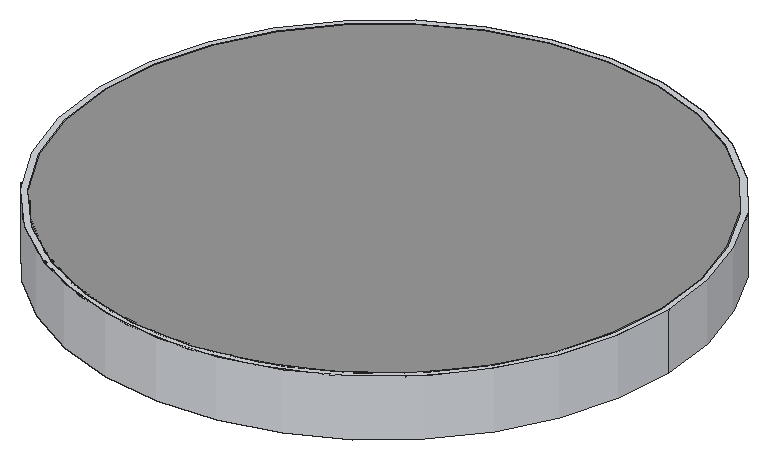
Revit family "2071197", category Lighting Fixtures, host Face, Revit 2018
Family settings
  Host = Face
  Round Connector Dimension = Use Diameter
  Part Type = Normal
  OmniClass Number = 23.80.70.00
  OmniClass Title = Lighting
  Cut with Voids When Loaded = No
  Light Source = Yes
  Shared = No
  Room Calculation Point = No
Parameters (values of type "2071197 COLOSSAL 600 830 OP DIR+H WHT")
  iner diameter = 588 mm
  Weight = "n/a"
  Wattage Comments = ""
  Wattage = 30 W
  WarrantyStartDate [instance] = "n/a"
  WarrantyGuarantorParts = "n/a"
  WarrantyDurationUnit = "n/a"
  WarrantyDurationParts = ""
  WarrantyDescription = "http://www.sylvania-lighting.com"
  built-in parameter 1150110 = 1 (stored number, unit not read)
  Voltage = 230 V
  URL = "0.95"
  TypeName = "COLOSSAL 600mm 830 OPAL DIR+HAL WHITE"
  Type Image = <None>
  Type Comments = "n/a"
  built-in parameter 1114217 = 1 (stored number, unit not read)
  Tilt Angle = -90.00°
  built-in parameter 1150109 = 1 (stored number, unit not read)
  built-in parameter 1150134 = (empty or 0)
  built-in parameter 1150113 = 1 (stored number, unit not read)
  SerialNumber [instance] = "n/a"
  Photometric Web File = "2071197.ies"
  Material_3_SYL = LED-Sylvania
  PowerFactor = 0
  PowerConsumption = "Lighting"
  NominalLength = 600 mm
  NominalHeight = 93 mm
  NominalDepth = 600 mm
  Name = "COLOSSAL 600mm 830 OPAL DIR+HAL WHITE"
  ModelReference = Name  # "COLOSSAL 600mm 830 OPAL DIR+HAL WHITE"
  ModelNumber = "2071197"
  Model = Name  # "COLOSSAL 600mm 830 OPAL DIR+HAL WHITE"
  Material = "Feilo Sylvania"
  ManufacturerName = "128 lm/W"
  Manufacturer = ""
  LuminousEfficacy = ""
  built-in parameter 1150105 = 270.44 (stored number, unit not read)
  Lumens = 3398.4 lm
  LuminaireType = "0"
  built-in parameter 1150115 = 1 (stored number, unit not read)
  LightOutputRatio = "LED"
  built-in parameter 1150137 = (empty or 0)
  built-in parameter 1150139 = (empty or 0)
  LampsType = Lamp  # "n/a"
  LampNominalLuminous = "3000 K"
  LampMacAdamStep = "80"
  LampColourTemperature = "LED"
  LampColourRenderingIndex = "16500"
  built-in parameter 1150112 = 1 (stored number, unit not read)
  built-in parameter 1150114 = 1 (stored number, unit not read)
  Lamp = "n/a"
  Keynote = "n/a"
  InstallationDate [instance] = "n/a"
  InputVoltage = "0"
  InputNominalFrequency = "3000"
  built-in parameter 1150132 = (empty or 0)
  built-in parameter 1150102 = (empty or 0)
  built-in parameter 1150107 = 3000 (stored number, unit not read)
  built-in parameter 1150138 = (empty or 0)
  IngressProtection = "IfcLightFixtureType"
  ImpactProtectionIndex = "IfcLightFixtureType"
  built-in parameter 1150106 = 2.7044 (stored number, unit not read)
  IfcExportType = "IfcLightFixtureType"
  IfcExportAs = "Class I"
  Emit from Circle Diameter = 385 mm
  Emit Shape Visible in Rendering = no
  ElectricShockClassification = "128"
  built-in parameter 1150104 = 10.524 (stored number, unit not read)
  DocumentationLiterature = "http://www.sylvania-lighting.com/product/en-int/products/2071197"
  DimmingControlOptions = "n/a"
  Material_2_SYL = Polycarbonate_Sylvania_White
  Dimming Lamp Color Temperature Shift = <None>
  Description = "600mm diameter circular architectural luminaire, can be surface mounted or suspended. Powder coated aluminium housing (RAL9016) with polycarbonate opal diffuser. Direct/indirect (halo) light distribution, 5190lm luminuous flux, 40.6W system power, 128lm/W luminiaire efficacy. Constant current driver. Colour rendering index Ra >80, 3000K Warm White LED, chromaticity tolerance of 3-step MacAdam ellipse. IP40, IK03. 450mA drive current. Electrical protection Class1, 220-240V. Reported lifetime 66k hours L90B10."
  Default Elevation = 1219.2 mm
  CreatedOn = "23/03/2022"
  CreatedBy = "@sylvania-lighting.com"
  Cost = 0
  Color Filter = 16777215
  built-in parameter 1114216 [instance] = (empty or 0)
  ClassificationValue = "EF_70_80"
  ClassificationName = "Uniclass2015"
  Material_1_SYL = Polycarbonate_Sylvania_Opal
  BarCode [instance] = "n/a"
  built-in parameter 1114218 = 1 (stored number, unit not read)
  built-in parameter 1150133 = 10 (stored number, unit not read)
  AssetType = "Fixed"
  AssetIdentifier [instance] = "n/a"
  Assembly Code = "D5020200"
  Apparent Load = 40.6 VA
  Material_4_SYL = none
Reference planes
  plane 1 "Center (Front/Back)": y = 0
  plane 2: z = 0
  plane 3 "Center (Left/Right)": x = 0
  plane 4: x = -300
  plane 5: x = 300
  plane 6: y = 300
  plane 7: y = -300
  plane 8: y = 212
  plane 9: y = -212
  plane 10: z = 93
  plane 11: y = 294
  plane 12: y = -294
  plane 13: through (0, 0, 1219.2) normal (0.5, -0.866, 0)
  plane 14: through (-134.29, 20.617, 1219.2) normal (0.5, -0.866, 0)
  plane 15: through (-144.685, -181.683, 1219.2) normal (-0.5, 0.866, 0)
  plane 16: through (0, 0, 1219.2) normal (0.5, 0.866, 0)
  plane 17: through (178.555, -4.939, 1219.2) normal (0.5, 0.866, 0)
  plane 18: through (87.581, -148.715, 1219.2) normal (0.5, 0.866, 0)
  plane 19: y = 272
  plane 20: through (105.168, 227.067, 1219.2) normal (0.866, 0.5, 0)
  plane 21: through (-104.171, 225.672, 1219.2) normal (0.8572, -0.515, 0)
  plane 22: y = -204.612
  plane 23: through (-296.643, -30.2, 1219.2) normal (0.866, 0.5, 0)
  plane 24: through (153.092, -278.837, 1219.2) normal (-0.866, 0.5, 0)
Forms (mm)
  Extrusion 1, solid, detail levels medium+fine
    sketch origin (0, 0, 0) x (1, 0, 0) y (0, 1, 0)
      loop
        circle (0, 0) r 300
    from 33.023 to 93
  Extrusion 2, void
    sketch origin (0, 0, 0) x (1, 0, 0) y (0, 1, 0)
      loop
        circle (0, 0) r 294
    from 93 to 37.292
  Extrusion 3, solid, material "Glass, White, High Luminance", detail levels fine
    sketch origin (0, 0, 0) x (1, 0, 0) y (0, 1, 0)
      loop
        circle (0, 0) r 294
    from 88.026 to 93
  Extrusion 4, solid, detail levels coarse
    sketch origin (0, 0, 0) x (1, 0, 0) y (0, 1, 0)
      loop
        line (-300, 300) -> (-300, -300) -> (300, -300) -> (300, 300) -> (-300, 300)
    from 0 to 93
  Blend 5, solid, detail levels medium+fine
    base sketch origin (0, 0, 0) x (1, 0, 0) y (0, 1, 0)
      loop
        line (-76.334, 272) -> (-277.665, -63.07) -> (-195.946, -204.612) -> (195.946, -204.612) -> (275.172, -67.388) -> (79.226, 272) -> (-76.334, 272)
    top sketch origin (0, 0, 0) x (1, 0, 0) y (0, 1, 0)
      loop
        line (-226.097, -32.388) -> (-141.097, -179.612) -> (141.097, -179.612) -> (226.097, -32.388) -> (85, 212) -> (-85, 212) -> (-226.097, -32.388)
    from 33.023 to 0
Cuts and joins
  Extrusion 2 cuts Extrusion 1
Lines and regions (mm)
  model lines
    curve 1: line (-85, 212, 0) -> (0, 212, 0)
    curve 2: line (0, 212, 0) -> (85, 212, 0)
Dimensions and locks
  "NominalDepth": plane 6 to plane 7
  "NominalLength": plane 4 to plane 5
  equal spacing: plane 4, plane 3 "Center (Left/Right)", plane 5
  "iner diameter": plane 11 to plane 12
  equal spacing: plane 11, plane 1 "Center (Front/Back)", plane 12
  equal spacing: plane 6, plane 1 "Center (Front/Back)", plane 7
  "NominalHeight": plane 10 to level
  radius of Extrusion 2 sketch curve = 294 mm
  aligned and locked: plane 2 to host face
  aligned and locked: level to host face
Automatic sketch dimensions
  host sketch curve to host sketch curve = 2438.4 mm  (x2)
  plane 1 "Center (Front/Back)" to Extrusion 1 sketch curve = 0 mm
  Extrusion 1 sketch curve to plane 3 "Center (Left/Right)" = 0 mm
  plane 1 "Center (Front/Back)" to Extrusion 2 sketch curve = 0 mm
  Extrusion 2 sketch curve to plane 3 "Center (Left/Right)" = 0 mm
  plane 1 "Center (Front/Back)" to Extrusion 3 sketch curve = 0 mm
  Extrusion 3 sketch curve to plane 3 "Center (Left/Right)" = 0 mm
  Extrusion 4 sketch curve to plane 4 = 0 mm
  Extrusion 4 sketch curve to plane 5 = 0 mm
  Extrusion 4 sketch curve to plane 7 = 0 mm
  Extrusion 4 sketch curve to plane 6 = 0 mm
  Blend 5 sketch curve to plane 8 = 0 mm
  Blend 5 sketch curve to plane 3 "Center (Left/Right)" = 85 mm
  plane 3 "Center (Left/Right)" to Blend 5 sketch curve = 85 mm
  plane 9 to Blend 5 sketch curve = 32.388 mm
  plane 3 "Center (Left/Right)" to Blend 5 sketch curve = 141.097 mm
  plane 1 "Center (Front/Back)" to Blend 5 sketch curve = 32.388 mm  (x2)
  Blend 5 sketch curve to plane 5 = 73.903 mm
  Blend 5 sketch curve to plane 3 "Center (Left/Right)" = 141.097 mm
  plane 4 to Blend 5 sketch curve = 73.903 mm
  curve 1 to plane 8 = 0 mm
  curve 2 to plane 3 "Center (Left/Right)" = 0 mm
  curve 1 to plane 3 "Center (Left/Right)" = 85 mm
  curve 1 to curve 2 = 85 mm
  Blend 5 sketch curve to plane 21 = 0 mm
  Blend 5 sketch curve to plane 23 = 0 mm  (x2)
  Blend 5 sketch curve to plane 22 = 0 mm
  Blend 5 sketch curve to plane 19 = 0 mm
  plane 21 to Blend 5 sketch curve = 0 mm
  Blend 5 sketch curve to plane 20 = 0 mm  (x2)
  Blend 5 sketch curve to plane 24 = 0 mm  (x2)
  radius of Extrusion 1 sketch curve = 300 mm
  radius of Extrusion 3 sketch curve = 294 mm
Connectors
  electrical at (0, 0, 0), driven by "Apparent Load", driven by "PowerFactor", driven by "Voltage"
    settings: index 1, voltage 230 V, apparent load 40.6 VA, apparent load phase1 0 VA, apparent load phase2 0 VA, apparent load phase3 0 VA, power factor 0, load classification "Lighting", number of poles 1, system type 30, power factor state 1, is connector primary yes, connector utility no, sub classification motor no, connector description ""
